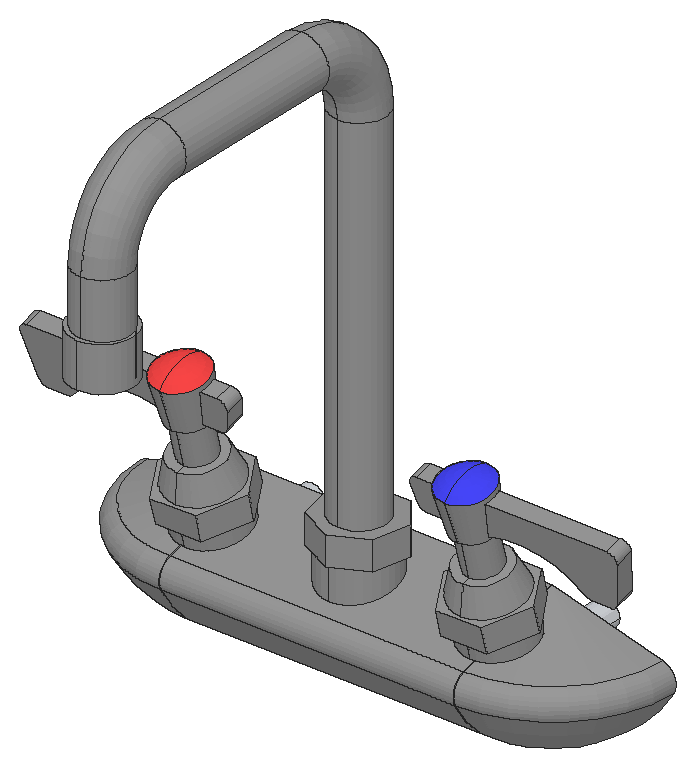
Revit family "Krowne_10-435L_WallMount_Faucet", category Plumbing Fixtures, Revit 2018
Family settings
  Round Connector Dimension = Use Diameter
  Part Type = Normal
  OmniClass Number = 23.40.40.00
  OmniClass Title = Food Service Equipment and Furnishings
  Work Plane-Based = No
  Always vertical = Yes
  Cut with Voids When Loaded = No
  Shared = No
  Room Calculation Point = No
Parameters (values of type "10-435L")
  Width = 8 1/2"
  Weight in Pounds = 5
  Watermarked By = ""
  URL Cutsheet = ""
  URL = "https://krowne.com/"
  Status [instance] = ""
  Specification by User [instance] = ""
  Specification by Manufacturer [instance] = ""
  Serial Number [instance] = ""
  Revision Code [instance] = ""
  Plumbing Remarks [instance] = ""
  Plumbing Connection Type = ""
  NAFEM Spec ID Number [instance] = ""
  Model = "10-435L"
  Masterspec [instance] = ""
  Manufacturer = "Krowne Metal"
  Item Number [instance] = "-"
  Installed By [instance] = ""
  Hot Water Temperature = 100 °F
  Hot Water Size = 1/2"
  Hot Water RI Height [instance] = 0"
  Hot Water Flow = 0 GPM
  Hot Water Connection Height = 0"
  Height = 7"
  Furnished By [instance] = ""
  Foodservice Equipment Identifier = yes
  Description = "Silver Series 4\" Wall Mount Faucet with 4-1/2\" Wide Double Bend Spout"
  Depth = 4 1/2" + 1 3/4"  # 6 1/4"
  Cold Water Size = 1/2"
  Cold Water RI Height [instance] = 0"
  Cold Water Flow = 0 GPM
  Cold Water Connection Height = 0"
  CSI MasterFormat = ""
  Assembly Code = "E1090300"
Reference planes (in)
  plane 1 "BACK": y = 0
  plane 2: z = 0
  plane 3 "CENTER L/R": x = -12.56573
  plane 4: z = 7
  plane 5: y = -0.80464
  plane 6 "CENTER L/U": x = -14.56573
  plane 7 "CENTER L/V": x = -10.56573
  plane 8: y = -5.30464
  plane 9: z = 4.25
Forms (in)
  Extrusion 1, solid
    sketch origin (-66.12823, 0.125, -27.57892) x (-1, 0, 0) y (0, 0, 1)
      loop
        circle (-51.5, 26.8125) r 0.1875
      loop
        circle (-55.625, 26.8125) r 0.1875
    from 0.82036 to -0.125
  Extrusion 2, solid, material "QF_Steel-Chrome-Polished"
    sketch origin (-0.1875, 0.03211, 0.02284) x (0, 0.965926, 0.258819) y (-1, 0, 0)
      loop
        circle (-0.9375, 14.37823) r 0.5
      loop
        circle (-0.9375, 10.37823) r 0.5
    from -0.12971 to 0.25
  Extrusion 3, solid, material "QF_Steel-Chrome-Polished"
    sketch origin (-0.1875, -0.0326, 0.26433) x (0, 0.965926, 0.258819) y (-1, 0, 0)
      loop
        line (-0.9375, 13.74356) -> (-0.38786, 14.06089) -> (-0.38786, 14.69556) -> (-0.9375, 15.01289) -> (-1.48714, 14.69556) -> (-1.48714, 14.06089) -> (-0.9375, 13.74356)
      loop
        line (-0.9375, 9.74356) -> (-0.38786, 10.06089) -> (-0.38786, 10.69556) -> (-0.9375, 11.01289) -> (-1.48714, 10.69556) -> (-1.48714, 10.06089) -> (-0.9375, 9.74356)
    from 0 to 0.375
  Revolve 4, solid, material "QF_Steel-Chrome-Polished"
    sketch origin (-14.56573, 0.48504, -1.66753) x (0, 0.965926, 0.258819) y (0, -0.258819, 0.965926)
      loop
        line (-0.9375, 2.375) -> (-0.4375, 2.375) -> (-0.5625, 2.75) -> (-0.9375, 2.75) -> (-0.9375, 2.375)
      axis (-0.9375, 2.375) -> (-0.9375, 2.75)
    angle from 0 to 360
  Revolve 5, solid, material "QF_Steel-Chrome-Polished"
    sketch origin (-10.56573, 0.48504, -1.66753) x (0, 0.965926, 0.258819) y (0, -0.258819, 0.965926)
      loop
        line (-0.9375, 2.375) -> (-0.4375, 2.375) -> (-0.5625, 2.75) -> (-0.9375, 2.75) -> (-0.9375, 2.375)
      axis (-0.9375, 2.375) -> (-0.9375, 2.75)
    angle from 0 to 360
  Revolve 6, solid, material "QF_Steel-Chrome-Polished"
    sketch origin (-10.56573, 0.48504, -1.66753) x (0, 0.965926, 0.258819) y (0, -0.258819, 0.965926)
      loop
        line (-0.9375, 2.75) -> (-0.6875, 2.75) -> (-0.6875, 3.3125) -> (-0.9375, 3.3125) -> (-0.9375, 2.75)
      axis (-0.9375, 2.75) -> (-0.9375, 3.3125)
    angle from 0 to 360
  Revolve 7, solid, material "QF_Steel-Chrome-Polished"
    sketch origin (-14.56573, 0.48504, -1.66753) x (0, 0.965926, 0.258819) y (0, -0.258819, 0.965926)
      loop
        line (-0.9375, 2.75) -> (-0.6875, 2.75) -> (-0.6875, 3.3125) -> (-0.9375, 3.3125) -> (-0.9375, 2.75)
      axis (-0.9375, 2.75) -> (-0.9375, 3.3125)
    angle from 0 to 360
  Revolve 8, solid, material "QF_Steel-Chrome-Polished"
    sketch origin (-14.56573, 0.48504, -1.66753) x (0, 0.965926, 0.258819) y (0, -0.258819, 0.965926)
      loop
        line (-0.9375, 3.3125) -> (-0.625, 3.3125) -> (-0.5625, 3.9375) -> (-0.9375, 3.9375) -> (-0.9375, 3.3125)
      axis (-0.9375, 3.3125) -> (-0.9375, 3.9375)
    angle from 0 to 360
  Revolve 9, solid, material "QF_Steel-Chrome-Polished"
    sketch origin (-10.56573, 0.48504, -1.66753) x (0, 0.965926, 0.258819) y (0, -0.258819, 0.965926)
      loop
        line (-0.9375, 3.3125) -> (-0.625, 3.3125) -> (-0.5625, 3.9375) -> (-0.9375, 3.9375) -> (-0.9375, 3.3125)
      axis (-0.9375, 3.3125) -> (-0.9375, 3.9375)
    angle from 0 to 360
  Revolve 10, solid, material "QF_Plastic-Red"
    sketch origin (-14.56573, 0.48504, -1.66753) x (0, 0.965926, 0.258819) y (0, -0.258819, 0.965926)
      loop
        line (-0.9375, 3.9375) -> (-0.5625, 3.9375)
        arc (-0.5625, 3.9375) -> (-0.73829, 4.03513) -> (-0.9375, 4.0625) r 0.54601
        line (-0.9375, 4.0625) -> (-0.9375, 3.9375)
      axis (-0.9375, 3.9375) -> (-0.9375, 4.0625)
    angle from 0 to 360
  Revolve 11, solid, material "QF_Plastic-Blue"
    sketch origin (-10.56573, 0.48504, -1.66753) x (0, 0.965926, 0.258819) y (0, -0.258819, 0.965926)
      loop
        line (-0.9375, 3.9375) -> (-0.5625, 3.9375)
        arc (-0.5625, 3.9375) -> (-0.73829, 4.03513) -> (-0.9375, 4.0625) r 0.54601
        line (-0.9375, 4.0625) -> (-0.9375, 3.9375)
      axis (-0.9375, 3.9375) -> (-0.9375, 4.0625)
    angle from 0 to 360
  Extrusion 12, solid, material "QF_Steel-Chrome-Polished"
    sketch origin (-20.56573, 2, -35.48517) x (0, 1, 0) y (0, 0, 1)
      loop
        arc (-3.54731, 35.08481) -> (-3.71225, 34.94214) -> (-3.70244, 34.72428) r 0.25
        arc (-3.70244, 34.72428) -> (-2.9899, 33.99481) -> (-2, 33.75) r 1.86216
        line (-2, 33.75) -> (-2, 35.49941) -> (-3.54731, 35.08481)
    from 5.9375 to 10.0625
  Revolve 13, solid, material "QF_Steel-Chrome-Polished"
    sketch origin (-14.62823, 2, -35.48517) x (0, 1, 0) y (0, 0, 1)
      loop
        line (-2, 35.49941) -> (-3.54731, 35.08481)
        arc (-3.54731, 35.08481) -> (-3.71225, 34.94214) -> (-3.70244, 34.72428) r 0.25
        arc (-3.70244, 34.72428) -> (-2.9899, 33.99481) -> (-2, 33.75) r 1.86216
        line (-2, 33.75) -> (-2, 35.49941)
      axis (-2, 33.75) -> (-2, 35.49941)
    angle from 0 to 90
  Revolve 14, solid, material "QF_Steel-Chrome-Polished"
    sketch origin (-10.50323, 2, -35.48517) x (0, 1, 0) y (0, 0, -1)
      loop
        line (-2, -35.49941) -> (-2, -33.75)
        arc (-2, -33.75) -> (-2.9899, -33.99481) -> (-3.70244, -34.72428) r 1.86216
        arc (-3.70244, -34.72428) -> (-3.71225, -34.94214) -> (-3.54731, -35.08481) r 0.25
        line (-3.54731, -35.08481) -> (-2, -35.49941)
      axis (-2, -33.75) -> (-2, -35.49941)
    angle from 0 to 90
  Extrusion 15, solid, material "QF_Steel-Chrome-Polished"
    sketch origin (-12.56573, -1.96629, 0) x (1, 0, 0) y (0, 1, 0)
      loop
        line (-0.26533, 1.74289) -> (-0.59619, 1.328) -> (-0.4781, 0.81065) -> (0, 0.58041) -> (0.4781, 0.81065) -> (0.59619, 1.328) -> (0.26533, 1.74289) -> (-0.26533, 1.74289)
    from 0.124 to 0.524
  Revolve 16, solid, material "QF_Steel-Chrome-Polished"
    sketch origin (-12.56573, -2, -0.79505) x (0, 1, 0) y (0, 0, 1)
      loop
        line (1.19193, 0.91905) -> (0.67143, 0.91905) -> (0.67143, 0.33238) -> (1.19193, 0.33238) -> (1.19193, 0.91905)
      axis (1.19193, 0.91905) -> (1.19193, 0.33238)
    angle from 0 to 360
  Sweep 17, solid, material "QF_Steel-Chrome-Polished"
    path origin (-12.56573, 0.13286, -0.5385) x (0, 1, 0) y (0, 0, 1)
      loop
        line (-0.9375, 1.0625) -> (-0.9375, 6.18355)
        arc (-0.9375, 6.18355) -> (-1.23039, 6.89066) -> (-1.9375, 7.18355) r 1
        line (-1.9375, 7.18355) -> (-4.4375, 7.18355)
        arc (-4.4375, 7.18355) -> (-5.14461, 6.89066) -> (-5.4375, 6.18355) r 1
        line (-5.4375, 6.18355) -> (-5.4375, 4.7885)
    profile origin (-12.56573, -0.80464, 3.08453) x (0, -1, 0) y (1, 0, 0)
      loop
        circle (0, 0) r 0.375
  Extrusion 18, solid, material "QF_Steel-Chrome-Polished"
    sketch origin (-12.56573, -5.30464, 4.25) x (0, -1, 0) y (-1, 0, 0)
      loop
        circle (0, 0) r 0.4375
    from 0 to -0.625
  Extrusion 19, solid, material "QF_Steel-Chrome-Polished"
    sketch origin (-0.1875, -0.42051, -1.91017) x (1, 0, 0) y (0, -0.258819, 0.965926)
      loop
        arc (-16.43825, 3.875) -> (-16.53492, 3.82925) -> (-16.56082, 3.72549) r 0.125
        line (-16.56082, 3.72549) -> (-16.43584, 3.10053)
        arc (-16.43584, 3.10053) -> (-16.39251, 3.02837) -> (-16.31326, 3.00004) r 0.125
        line (-16.31326, 3.00004) -> (-16.06338, 3.00004)
        arc (-16.06338, 3.00004) -> (-16.01059, 3.01173) -> (-15.96768, 3.04462) r 0.125
        arc (-15.96768, 3.04462) -> (-15.39497, 3.40979) -> (-14.7163, 3.38199) r 1.13354
        arc (-14.7163, 3.38199) -> (-14.69547, 3.37648) -> (-14.674, 3.37462) r 0.125
        line (-14.674, 3.37462) -> (-13.83077, 3.37462)
        arc (-13.83077, 3.37462) -> (-13.75152, 3.40295) -> (-13.7082, 3.47511) r 0.125
        line (-13.7082, 3.47511) -> (-13.65813, 3.72549)
        arc (-13.65813, 3.72549) -> (-13.68403, 3.82925) -> (-13.7807, 3.875) r 0.125
        line (-13.7807, 3.875) -> (-16.43825, 3.875)
      loop
        line (-8.3182, 3.875) -> (-10.97575, 3.875)
        arc (-10.97575, 3.875) -> (-11.07242, 3.82925) -> (-11.09832, 3.72549) r 0.125
        line (-11.09832, 3.72549) -> (-11.04825, 3.47511)
        arc (-11.04825, 3.47511) -> (-11.00493, 3.40295) -> (-10.92568, 3.37462) r 0.125
        line (-10.92568, 3.37462) -> (-10.08245, 3.37462)
        arc (-10.08245, 3.37462) -> (-10.06098, 3.37648) -> (-10.04015, 3.38199) r 0.125
        arc (-10.04015, 3.38199) -> (-9.36148, 3.40979) -> (-8.78877, 3.04462) r 1.13354
        arc (-8.78877, 3.04462) -> (-8.74586, 3.01173) -> (-8.69307, 3.00004) r 0.125
        line (-8.69307, 3.00004) -> (-8.44319, 3.00004)
        arc (-8.44319, 3.00004) -> (-8.36394, 3.02837) -> (-8.32061, 3.10053) r 0.125
        line (-8.32061, 3.10053) -> (-8.19563, 3.72549)
        arc (-8.19563, 3.72549) -> (-8.22153, 3.82925) -> (-8.3182, 3.875) r 0.125
    from -0.125 to 0.125
Lines and regions (in)
  symbolic lines
    curve 1: arc (-12.56573, -5.74214, 18.5) -> (-12.16149, -5.47196, 18.5) -> (-12.25652, -4.99512, 18.5) r 0.4375
    curve 2: arc (-12.88152, -5.00185, 18.5) -> (-12.96814, -5.4763, 18.5) -> (-12.56573, -5.74214, 18.5) r 0.4375
    curve 3: line (-12.88152, -0.6875, 18.5) -> (-12.88152, -5.00185, 18.5)
    curve 4: line (-12.25652, -0.6875, 18.5) -> (-12.25652, -4.99512, 18.5)
    curve 5: line (-8.70693, 0, 30) -> (-16.42452, 0, 30)
    curve 6: arc (-12.25652, -1.23066, 18.5) -> (-11.96153, -0.52758, 18.5) -> (-12.56573, -0.0625, 18.5) r 0.625
    curve 7: arc (-12.56573, -0.0625, 18.5) -> (-13.16893, -0.5239, 18.5) -> (-12.88152, -1.22685, 18.5) r 0.625
    curve 8: arc (-12.88152, -0.6875, 18.5) -> (-12.79, -0.46653, 18.5) -> (-12.56902, -0.375, 18.5) r 0.3125
    curve 9: arc (-12.56902, -0.375, 18.5) -> (-12.34805, -0.46653, 18.5) -> (-12.25652, -0.6875, 18.5) r 0.3125
    curve 10: line (-16.94073, -0.8125, 18.5) -> (-13.81573, -0.8125, 18.5)
    curve 11: line (-13.81573, -1.125, 18.5) -> (-16.94073, -1.125, 18.5)
    curve 12: line (-16.94073, -1.125, 18.5) -> (-16.94073, -0.8125, 18.5)
    curve 13: line (-13.81573, -1.125, 18.5) -> (-13.81573, -0.8125, 18.5)
    curve 14: arc (-14.98178, -1.125, 18.5) -> (-14.62823, -1.25, 18.5) -> (-14.27467, -1.125, 18.5) r 0.5625
    curve 15: arc (-14.07979, -0.8125, 18.5) -> (-14.62823, -0.125, 18.5) -> (-15.17666, -0.8125, 18.5) r 0.5625
    curve 16: arc (-10.85678, -1.125, 18.5) -> (-10.50323, -1.25, 18.5) -> (-10.14967, -1.125, 18.5) r 0.5625
    curve 17: arc (-9.95479, -0.8125, 18.5) -> (-10.50323, -0.125, 18.5) -> (-11.05166, -0.8125, 18.5) r 0.5625
    curve 18: line (-11.31573, -0.8125, 18.5) -> (-11.31573, -1.125, 18.5)
    curve 19: line (-11.31573, -0.8125, 18.5) -> (-8.19073, -0.8125, 18.5)
    curve 20: line (-8.19073, -1.125, 18.5) -> (-11.31573, -1.125, 18.5)
    curve 21: line (-8.19073, -1.125, 18.5) -> (-8.19073, -0.8125, 18.5)
    curve 22: line (-14.69657, -1.72795, 30) -> (-12.88152, -1.72795, 30)
    curve 23: arc (-14.69657, -1.72795, 30) -> (-15.41833, -1.56999, 30) -> (-16.00813, -1.125, 30) r 1.72795
    curve 24: arc (-16.3506, -0.5, 30) -> (-16.40594, -0.25272, 30) -> (-16.42452, 0, 30) r 1.72795
    curve 25: line (-10.43488, -1.72795, 30) -> (-12.24993, -1.72795, 30)
    curve 26: arc (-10.43488, -1.72795, 30) -> (-9.71312, -1.56999, 30) -> (-9.12332, -1.125, 30) r 1.72795
    curve 27: arc (-8.78085, -0.5, 30) -> (-8.72551, -0.25272, 30) -> (-8.70693, 0, 30) r 1.72795
    curve 28: arc (-8.90987, -0.8125, 30) -> (-8.8377, -0.65941, 30) -> (-8.78085, -0.5, 30) r 1.72795
    curve 29: arc (-16.22158, -0.8125, 30) -> (-16.29375, -0.65941, 30) -> (-16.3506, -0.5, 30) r 1.72795
Dimensions and locks (in)
  plane 5 to plane 1 "BACK" = 0.80464"  (x2)
  plane 4 to level = 7"  (x3)
  plane 9 to level = 4 1/4"
  plane 8 to plane 5 = 4 1/2"
  Extrusion 1 to plane 5 = 1 3/4"
  plane 5 to plane 8 = 4 1/2"
  aligned and locked: level to plane 2
Connectors (in)
  piping at (-10.50323, 0.94536, -0.76642), diameter 0.5, driven by "Cold Water Flow"
    settings: on Extrusion 1, index 4, connector inside diameter 1/2", connector length 0", flow factor 0, pipe flow 0 GPM, pressure drop 0.00 psi, fitting loss kfactor 0, connector angle 0.00°, fixture units 0, engagement length 0", angle of deflection 0.00°, flow configuration 1, flow direction 1, fitting loss method 0, system type 20, joint type 0, gender type 0, connector reference index -1, connector utility 0, adjustable connector no, is connector primary yes, connector description ""
  piping at (-14.62823, 0.94536, -0.76642), diameter 0.5, driven by "Hot Water Flow"
    settings: on Extrusion 1, index 5, connector inside diameter 1/2", connector length 0", flow factor 0, pipe flow 0 GPM, pressure drop 0.00 psi, fitting loss kfactor 0, connector angle 0.00°, fixture units 0, engagement length 0", angle of deflection 0.00°, flow configuration 1, flow direction 1, fitting loss method 0, system type 19, joint type 0, gender type 0, connector reference index -1, connector utility 0, adjustable connector no, is connector primary no, connector description ""
